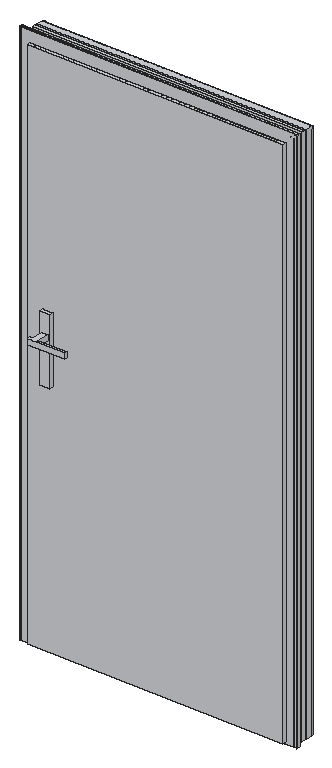
Revit family "ROMA_podwojne_Pr", category Drzwi, Revit 2016
Family settings
  Obiekt nadrzędny = Ściana
  Zawsze pionowo = Tak
  Tnij formami wycięć po wczytaniu = Nie
  Współdzielony = Nie
  Punkt obliczania pomieszczeń = Nie
Parameters (values of type "PN 90")
  Wysokość = 2075 mm
  Zakończenie ściany = Wg obiektu nadrzędnego
  URL = "www.porta.com.pl"
  Szerokość = 1040 mm
  Ss = 968 mm
  Sb = 1020 mm
  Producent = "PORTA KMI POLAND"  # constant formula
  Description = ""
  Materiał_skrzydło [instance] = none
  Materiał_ościeżnica [instance] = none
  Materiał_klamka [instance] = none
  Konstrukcja analityczna = "<Brak>"
  Informacja = "Własność Porta KMI Poland, wszelkie prawa zastrzeżone."  # constant formula
  Hs = 2030 mm
  Funkcja = Wewnętrzna
Types (3, lengths in mm): name | Szerokość | Ss | Sb
  PN 80 | 940 | 868 | 920
  PN 90 | 1040 | 968 | 1020
  PN 100 | 1140 | 1068 | 1120
Reference planes
  plane 1: y = 0
  plane 2 "Środek (Lewa/Prawa)": x = 0
  plane 3 "Lewy": x = -520
  plane 4 "Prawy": x = 520
  plane 5: z = 2075
  plane 6 "Zewnętrzna": y = 75
  plane 7 "Wewnętrzna": y = -75
  plane 8 "skrzydło": y = -45
Forms (mm)
  Sweep 1, solid, material <- "Materiał_ościeżnica"
    path in 3D
      loop
        line (-520, -75, 0) -> (-520, -75, 2075) -> (520, -75, 2075) -> (520, -75, 0)
    profile origin (-520, -75, 1037.5) x (0, -1, 0) y (1, 0, 0)
      loop
        arc (10, 42.5) -> (9.268, 44.268) -> (7.5, 45) r 2.5
        line (7.5, 45) -> (-32, 45) -> (-32, 60) -> (-78.5, 60)
        arc (-78.5, 60) -> (-80.621, 59.121) -> (-81.5, 57) r 3
        line (-81.5, 57) -> (-81.5, 13)
        arc (-81.5, 13) -> (-80.621, 10.879) -> (-78.5, 10) r 3
        line (-78.5, 10) -> (-52.5, 10) -> (-52.5, 18) -> (-42.5, 18) -> (-42.5, 10) -> (-30.5, 10) -> (-30.5, 18) -> (-20.5, 18) -> (-20.5, 10) -> (8.5, 10) -> (8.5, -2.5)
        arc (8.5, -2.5) -> (8.207, -3.207) -> (7.5, -3.5) r 1
        line (7.5, -3.5) -> (0, -3.5) -> (0, -5) -> (7.5, -5)
        arc (7.5, -5) -> (9.268, -4.268) -> (10, -2.5) r 2.5
        line (10, -2.5) -> (10, 42.5)
Lines and regions (mm)
  Opening 1
    outline origin (-3050, -75, 0) x (1, 0, 0) y (0, 0, 1)
      loop
        line (2530, 0) -> (3570, 0) -> (3570, 2075) -> (2530, 2075) -> (2530, 0)
  symbolic lines, style "DoorsPanelProjection"
    curve 1: line (484, -75, 0) -> (484, -1043, 0)
    curve 2: line (484, -1043, 0) -> (428, -1043, 0)
    curve 3: line (428, -1043, 0) -> (428, -75, 0)
    curve 4: line (428, -75, 0) -> (484, -75, 0)
  symbolic lines, style "Plan Swing"
    curve 5: arc (-484, -75, 0) -> (-200.479, -759.479, 0) -> (484, -1043, 0) r 968
  sketch lines
    curve 6: line (-520, -75, 0) -> (-520, -75, 2075)
    curve 7: line (-520, -75, 2075) -> (520, -75, 2075)
    curve 8: line (520, -75, 2075) -> (520, -75, 0)
Text (mm)
  text "Zewnętrzna" at (-2295.016, 1099.543, 0), in view "Poziom odniesienia"
  text "Zewnętrzna" at (0, 1615.38, 3698.081), in view "Lewy"
  text "Zewnętrzna" at (0, 1036.032, 3874.932), in view "Prawy"
Dimensions and locks
  equal spacing: plane 3 "Lewy", plane 2 "Środek (Lewa/Prawa)", plane 4 "Prawy"
  "Szerokość": plane 3 "Lewy" to plane 4 "Prawy"
  "Wysokość": plane 5 to host wall
  host wall to plane 5 = 2075 mm  (x2)
  locked: plane 6 "Zewnętrzna" to host wall at 0
  locked: plane 7 "Wewnętrzna" to host wall
  "Ss": curve 2 to plane 7 "Wewnętrzna"
  locked: curve 3 to curve 1 at 56
  equal spacing: curve 5, plane 2 "Środek (Lewa/Prawa)", curve 1
  locked: plane 7 "Wewnętrzna" to plane 8 "skrzydło" at 30
  equal spacing: nested 1, plane 2 "Środek (Lewa/Prawa)", nested 1
  locked: nested 1 to level at 8
  "Sb": Sweep 1 to Sweep 1
  aligned and locked: plane 3 "Lewy" to Opening 1 sketch curve
  aligned and locked: plane 5 to Opening 1 sketch curve  (x2)
  aligned and locked: Opening 1 sketch curve to plane 4 "Prawy"
  aligned and locked: Opening 1 sketch curve to level
  aligned and locked: plane 1 to host wall
  aligned and locked: plane 8 "skrzydło" to nested 1
Automatic sketch dimensions
  curve 3 to host wall = 0 mm
  curve 5 to host wall = 0 mm
  Sweep 1 sketch curve to Sweep 1 sketch curve = 0 mm  (x4)
  profile plane to Sweep 1 sketch curve = 81.5 mm
  Sweep 1 sketch curve to Sweep 1 sketch curve = 3 mm  (x2)
  Sweep 1 sketch curve to Sweep 1 sketch curve = 26 mm
  Sweep 1 sketch curve to Sweep 1 sketch curve = 10 mm  (x2)
  Sweep 1 sketch curve to Sweep 1 sketch curve = 10.5 mm
  Sweep 1 sketch curve to Sweep 1 sketch curve = 12 mm
  Sweep 1 sketch curve to Sweep 1 sketch curve = 20.5 mm
  Sweep 1 sketch curve to Sweep 1 sketch curve = 7.5 mm
  Sweep 1 sketch curve to Sweep 1 sketch curve = 28 mm
  Sweep 1 sketch curve to Sweep 1 sketch curve = 1 mm
  Sweep 1 sketch curve to Sweep 1 sketch curve = 2.5 mm
  Sweep 1 sketch curve to profile plane = 5 mm
  Sweep 1 sketch curve to Sweep 1 sketch curve = 13.5 mm
  Sweep 1 sketch curve to Sweep 1 sketch curve = 12.5 mm
  Sweep 1 sketch curve to Sweep 1 sketch curve = 8 mm  (x2)
  Sweep 1 sketch curve to Sweep 1 sketch curve = 32.5 mm
  Sweep 1 sketch curve to Sweep 1 sketch curve = 44 mm
Nested families
  nested 1: "ROMA Premium" at (0, -51.5, 0), Materiał_skrzydło_płyta <- "Materiał_skrzydło", Materiał_klamka <- "Materiał_klamka", type "ROMA Premium"
    with Materiał_skrzydło_płyta none, Materiał_klamka none
Definition of nested family "ROMA Premium"
  Parameters
    Ss = 968 mm
    Materiał_skrzydło_płyta [instance] = none
    Materiał_klamka [instance] = none
    Assembly Code = ""
    Hs = 2030 mm
  Reference planes
    plane 1 "Tył": y = 6.5
    plane 2: z = 0
    plane 3 "Środek (Lewa/Prawa)": x = 0
    plane 4 "Lewa": x = -484
    plane 5 "Prawa": x = 484
    plane 6 "Przód": y = -49.5
    plane 7: z = 2038
    plane 8: x = -471
    plane 9: z = 8
    plane 10: x = 471
    plane 11: z = 2025
  Forms (mm)
    Extrusion 1, solid, material <- "Materiał_skrzydło_płyta"
      sketch origin (0, 6.5, 0) x (1, 0, 0) y (0, 0, 1)
        loop
          line (-471, 2025) -> (-471, 8) -> (471, 8) -> (471, 2025) -> (-471, 2025)
      from 0 to 42
    Extrusion 2, solid, material <- "Materiał_skrzydło_płyta"
      sketch origin (0, -49.5, 0) x (-1, 0, 0) y (0, 0, 1)
        loop
          line (484, 2038) -> (-484, 2038) -> (-484, 8) -> (484, 8) -> (484, 2038)
      from 0 to 14
  Lines and regions (mm)
    symbolic lines
      curve 1: line (484, -20, 8) -> (-484, -20, 8)
      curve 2: line (484, -20, 2038) -> (484, -20, 8)
      curve 3: line (-484, -20, 8) -> (-484, -20, 2038)
      curve 4: line (-484, -20, 2038) -> (484, -20, 2038)
  Dimensions and locks
    equal spacing: plane 4 "Lewa", plane 3 "Środek (Lewa/Prawa)", plane 5 "Prawa"
    "Ss": plane 4 "Lewa" to plane 5 "Prawa"
    locked: plane 4 "Lewa" to plane 8 at 13
    locked: plane 9 to level at 8
    "Hs": plane 7 to plane 9
    locked: plane 5 "Prawa" to plane 10 at 13
    locked: plane 8 to nested 1 at 45
    locked: nested 1 to plane 9 at 905
    locked: nested 3 to Extrusion 1 at 45
    locked: plane 9 to nested 3 at 905
    locked: plane 1 "Tył" to plane 6 "Przód" at 56
    locked: plane 7 to plane 11 at 13
    aligned and locked: plane 8 to Extrusion 1 sketch curve
    aligned and locked: Extrusion 1 sketch curve to plane 10
    aligned and locked: plane 9 to Extrusion 1 sketch curve
    aligned and locked: Extrusion 2 sketch curve to plane 9
    aligned and locked: Extrusion 2 sketch curve to plane 7
    aligned and locked: Extrusion 2 to Extrusion 1
    aligned and locked: nested 1 to plane 6 "Przód"
    aligned and locked: Extrusion 2 sketch curve to plane 5 "Prawa"
    aligned and locked: Extrusion 2 sketch curve to plane 4 "Lewa"
    aligned and locked: curve 1 to Extrusion 2
    aligned and locked: curve 2 to Extrusion 2
    aligned and locked: curve 3 to Extrusion 2
    aligned and locked: curve 4 to Extrusion 2
    aligned and locked: plane 3 "Środek (Lewa/Prawa)" to nested 2
    aligned and locked: plane 11 to Extrusion 1 sketch curve
  Automatic sketch dimensions
    curve 2 to plane 5 "Prawa" = 0 mm
    curve 1 to plane 4 "Lewa" = 0 mm
    curve 1 to plane 9 = 0 mm
  Nested families
    nested 1: "KLAMKA" at (-406, -49.5, 1038), Materiał klamki <- "Materiał_klamka", type "KLAMKA"
      with Materiał klamki none
    nested 2: "logo_porta" at (0, 6.5, 110) x (1, 0, 0) z (0, -1, 0), type "logo_porta"
    nested 3: "KLAMKA" at (-406, 6.5, 1038), Materiał klamki <- "Materiał_klamka", type "KLAMKA"
      with Materiał klamki none
  Definition of nested family "KLAMKA"
    Parameters
      Materiał klamki [instance] = none
      Assembly Code = ""
      Default Elevation = 1219.2 mm
    Reference planes
      plane 1 "Center (Front/Back)": y = 0
      plane 2: z = 0
      plane 3 "Center (Left/Right)": x = 0
      plane 4: z = 125
      plane 5: z = -125
      plane 6: x = 20
      plane 7: x = -20
      plane 8: y = -70
      plane 9: y = -60
      plane 10: x = 10
      plane 11: x = -10
      plane 12: x = 120
      plane 13: z = 35
      plane 14: z = 55
      plane 15: y = -15
    Forms (mm)
      Extrusion 1, solid, material <- "Materiał klamki"
        sketch origin (0, 0, 0) x (1, 0, 0) y (0, 0, 1)
          loop
            line (-20, 125) -> (-20, -125) -> (20, -125) -> (20, 125) -> (-20, 125)
        from 0 to 15
      Extrusion 2, solid, material <- "Materiał klamki"
        sketch origin (0, 0, 0) x (1, 0, 0) y (0, 1, 0)
          loop
            line (-10, -15) -> (-10, -60) -> (-20, -60) -> (-20, -70) -> (120, -70) -> (120, -60) -> (10, -60) -> (10, -15) -> (-10, -15)
        from 35 to 55
    Dimensions and locks
      equal spacing: plane 4, plane 2, plane 5
      plane 4 to plane 5 = 250 mm
      equal spacing: plane 7, plane 3 "Center (Left/Right)", plane 6
      plane 7 to plane 6 = 40 mm
      plane 8 to plane 1 "Center (Front/Back)" = 70 mm
      plane 11 to plane 3 "Center (Left/Right)" to plane 10 = 10 mm locked, 10 mm locked
      plane 7 to plane 12 = 140 mm
      plane 15 to plane 1 "Center (Front/Back)" = 15 mm
      aligned and locked: plane 7 to Extrusion 1 sketch curve
      aligned and locked: Extrusion 1 sketch curve to plane 4
      aligned and locked: plane 5 to Extrusion 1 sketch curve
      aligned and locked: Extrusion 1 sketch curve to plane 6
      aligned and locked: plane 15 to Extrusion 1
      aligned and locked: Extrusion 1 to plane 1 "Center (Front/Back)"
      aligned and locked: plane 14 to Extrusion 2
      aligned and locked: Extrusion 2 to plane 13
    Automatic sketch dimensions
      Extrusion 2 sketch curve to plane 7 = 0 mm
      Extrusion 2 sketch curve to plane 9 = 0 mm  (x2)
      Extrusion 2 sketch curve to plane 11 = 0 mm
      Extrusion 2 sketch curve to plane 10 = 0 mm
      Extrusion 2 sketch curve to plane 12 = 0 mm
      Extrusion 2 sketch curve to plane 8 = 0 mm
      Extrusion 2 sketch curve to plane 15 = 0 mm
  Definition of nested family "logo_porta"
    Reference planes
      plane 1 "Środek (Przód/Tył)": y = 0
      plane 2: z = 0
      plane 3 "Środek (Lewa/Prawa)": x = 0
